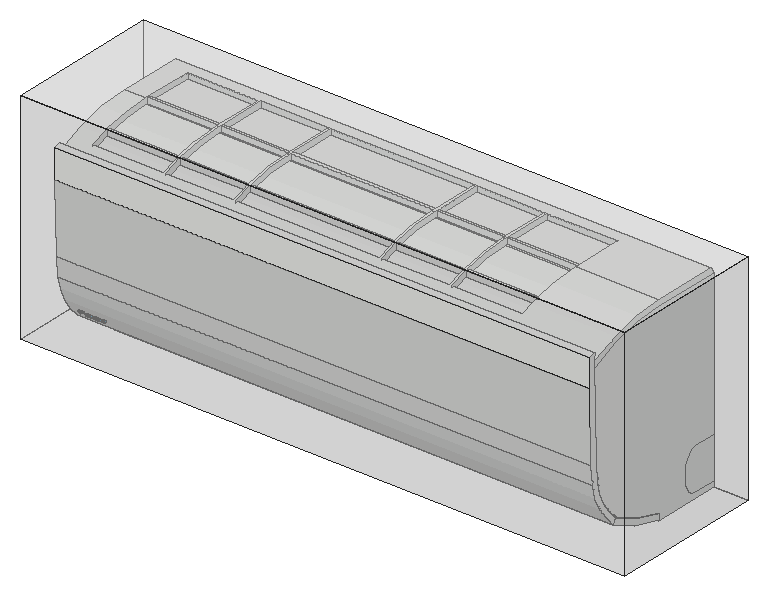
Revit family "outputfile", category 機械設備, Revit 2024
Family settings
  丸型コネクタ寸法 = 半径を使用
  パーツ タイプ = 標準
  OmniClass 番号 = 23.75.10.24.21.27.27
  OmniClass タイトル = Split System Air Conditioning Units
  作業面ベース = いいえ
  常に垂直 = はい
  ロード時にボイドで切り取り = いいえ
  注釈の向きを維持 = いいえ
  共有 = いいえ
  部屋計算ポイント = いいえ
Parameters (values of type "CTKM25RVM4")
  Description = ""
  書き出し IFC クラス(タイプ) = "IfcUnitaryEquipmentType"
  定義済み IFC タイプ(タイプ) = "AIRCONDITIONINGUNIT"
  Cost = 0
  Type Comments = ""
  Keynote = ""
  Type Image = (empty or 0)
  Assembly Code = ""
  w_wall hole = if(Width = 770.0 mm, 48.0 mm, 60.0 mm)  # 48.0 mm
  製造元 = "Daikin"
  モデル = "CTKM25RVM4"
  switch_frequency = yes
  r_Liquid Pipe Size = Liquid Pipe Size / 2  # 3.2 mm
  r_Gas Pipe Size = Gas Pipe Size / 2  # 4.75 mm
  r_Drain Pipe Size = Drain Pipe Size / 2  # 8.0 mm
  lw_powersupply [instance] = if(Width = 770.0 mm, if(or(Rear Right Connection_refrigerant, Bottom Right Connection_refrigerant), 25.0 mm, if(or(Rear Left Connection_refrigerant, Bottom Left Connection_refrigerant), 745.0 mm, 400.0 mm)), if(Width = 990.0 mm, if(or(Rear Right Connection_refrigerant, Bottom Right Connection_refrigerant), 40.0 mm, if(or(Rear Left Connection_refrigerant, Bottom Left Connection_refrigerant), 920.0 mm, 400.0 mm)), if(or(Rear Right Connection_refrigerant, Bottom Right Connection_refrigerant), 40.0 mm, if(or(Rear Left Connection_refrigerant, Bottom Left Connection_refrigerant), 920.0 mm, 400.0 mm))))  # 400.0 mm
  lw_liquidpipe [instance] = if(Width = 770.0 mm, if(or(Rear Right Connection_refrigerant, Bottom Right Connection_refrigerant), 0.0 mm, if(or(Rear Left Connection_refrigerant, Bottom Left Connection_refrigerant), 664.0 mm, 385.0 mm)), if(Width = 990.0 mm, if(or(Rear Right Connection_refrigerant, Bottom Right Connection_refrigerant), 0.0 mm, if(or(Rear Left Connection_refrigerant, Bottom Left Connection_refrigerant), 664.0 mm + (990.0 mm - 770.0 mm), 475.0 mm)), if(or(Rear Right Connection_refrigerant, Bottom Right Connection_refrigerant), 0.0 mm, if(or(Rear Left Connection_refrigerant, Bottom Left Connection_refrigerant), 664.0 mm + (990.0 mm - 770.0 mm), 475.0 mm))))  # 385.0 mm
  lw_gaspipe [instance] = if(Width = 770.0 mm, if(or(Rear Right Connection_refrigerant, Bottom Right Connection_refrigerant), 0.0 mm, if(or(Rear Left Connection_refrigerant, Bottom Left Connection_refrigerant), 675.0 mm, if(Gas Pipe Size = 12.7 mm, 335.0 mm, 335.0 mm))), if(Width = 990.0 mm, if(or(Rear Right Connection_refrigerant, Bottom Right Connection_refrigerant), 10.0 mm, if(or(Rear Left Connection_refrigerant, Bottom Left Connection_refrigerant), 890.0 mm, if(Gas Pipe Size = 15.9 mm, 400.0 mm, 400.0 mm))), if(or(Rear Right Connection_refrigerant, Bottom Right Connection_refrigerant), 10.0 mm, if(or(Rear Left Connection_refrigerant, Bottom Left Connection_refrigerant), 890.0 mm, if(Gas Pipe Size = 15.9 mm, 400.0 mm, 400.0 mm)))))  # 335.0 mm
  lw_drainpipe [instance] = if(Width = 770.0 mm, if(or(Rear Right Connection_refrigerant, Bottom Right Connection_refrigerant), 0.0 mm, if(or(Rear Left Connection_refrigerant, Bottom Left Connection_refrigerant), 770.0 mm - 48.0 mm - 48.0 mm, 440.0 mm)), if(Width = 990.0 mm, if(or(Rear Right Connection_refrigerant, Bottom Right Connection_refrigerant), 0.0 mm, if(or(Rear Left Connection_refrigerant, Bottom Left Connection_refrigerant), 675.0 mm + (990.0 mm - 770.0 mm), 435.0 mm)), if(or(Rear Right Connection_refrigerant, Bottom Right Connection_refrigerant), 0.0 mm, if(or(Rear Left Connection_refrigerant, Bottom Left Connection_refrigerant), 675.0 mm + (990.0 mm - 770.0 mm), 435.0 mm))))  # 440.0 mm
  l_powersupply_length [instance] = if(Width = 770.0 mm, if(Right Connection_refrigerant, 400.0 mm, if(Left Connection_refrigerant, 770.0 mm - 400.0 mm, if(or(Rear Left Connection_refrigerant, Rear Right Connection_refrigerant), 15.0 mm, 50.0 mm))), if(Width = 990.0 mm, if(Right Connection_refrigerant, 400.0 mm, if(Left Connection_refrigerant, 990.0 mm - 400.0 mm, if(or(Rear Left Connection_refrigerant, Rear Right Connection_refrigerant), 15.0 mm, 50.0 mm))), if(Right Connection_refrigerant, 400.0 mm, if(Left Connection_refrigerant, 990.0 mm - 400.0 mm, if(or(Rear Left Connection_refrigerant, Rear Right Connection_refrigerant), 15.0 mm, 50.0 mm)))))  # 400.0 mm
  l_liquidpipe_length [instance] = if(Width = 770.0 mm, if(Right Connection_refrigerant, 433.0 mm, if(Left Connection_refrigerant, 337.0 mm, if(or(Rear Left Connection_refrigerant, Rear Right Connection_refrigerant), 30.0 mm, 40.0 mm))), if(Width = 990.0 mm, if(Right Connection_refrigerant, 535.0 mm, if(Left Connection_refrigerant, 455.0 mm, if(or(Rear Left Connection_refrigerant, Rear Right Connection_refrigerant), 30.0 mm, 40.0 mm))), if(Right Connection_refrigerant, 535.0 mm, if(Left Connection_refrigerant, 455.0 mm, if(or(Rear Left Connection_refrigerant, Rear Right Connection_refrigerant), 30.0 mm, 40.0 mm)))))  # 433.0 mm
  l_gaspipe_length [instance] = if(Width = 770.0 mm, if(Right Connection_refrigerant, if(Gas Pipe Size = 12.7 mm, 383.0 mm, 383.0 mm), if(Left Connection_refrigerant, if(Gas Pipe Size = 12.7 mm, 770.0 mm - 383.0 mm, 770.0 mm - 383.0 mm), if(or(Rear Left Connection_refrigerant, Rear Right Connection_refrigerant), 40.0 mm, 50.0 mm))), if(Width = 990.0 mm, if(Right Connection_refrigerant, if(Gas Pipe Size = 15.9 mm, 460.0 mm, 460.0 mm), if(Left Connection_refrigerant, if(Gas Pipe Size = 15.9 mm, 990.0 mm - 460.0 mm, 990.0 mm - 460.0 mm), if(or(Rear Left Connection_refrigerant, Rear Right Connection_refrigerant), 40.0 mm, 50.0 mm))), if(Right Connection_refrigerant, if(Gas Pipe Size = 15.9 mm, 460.0 mm, 460.0 mm), if(Left Connection_refrigerant, if(Gas Pipe Size = 15.9 mm, 990.0 mm - 460.0 mm, 990.0 mm - 460.0 mm), if(or(Rear Left Connection_refrigerant, Rear Right Connection_refrigerant), 40.0 mm, 50.0 mm)))))  # 383.0 mm
  l_drainpipe_length [instance] = if(Width = 770.0 mm, if(Right Connection_refrigerant, 488.0 mm, if(Left Connection_refrigerant, 282.0 mm, if(or(Rear Left Connection_refrigerant, Rear Right Connection_refrigerant), 15.0 mm, 20.0 mm))), if(Width = 990.0 mm, if(Right Connection_refrigerant, 495.0 mm, if(Left Connection_refrigerant, 495.0 mm, if(or(Rear Left Connection_refrigerant, Rear Right Connection_refrigerant), 15.0 mm, 20.0 mm))), if(Right Connection_refrigerant, 495.0 mm, if(Left Connection_refrigerant, 495.0 mm, if(or(Rear Left Connection_refrigerant, Rear Right Connection_refrigerant), 15.0 mm, 20.0 mm)))))  # 488.0 mm
  h*** = 0.0 mm  # constant formula
  connector_voltage = Voltage_50Hz  # 230 V
  connector_powerinput = [Power Input (Cooling)]  # 0.000 kW
  connector_phase = Phase_50Hz  # 1
  angle_vertical [instance] = if(or(Bottom Left Connection_refrigerant, Bottom Right Connection_refrigerant), 0.00°, 90.00°)  # 90.00°
  angle_horizontal [instance] = if(Right Connection_refrigerant, 90.00°, if(Left Connection_refrigerant, -90.00°, if(or(Rear Left Connection_refrigerant, Rear Right Connection_refrigerant), 180.00°, 0.00°)))  # 90.00°
  Width = 770.0 mm
  Voltage_comment_50Hz = "220 - 240"
  Voltage_50Hz = 230 V
  Version = "ver.1.0"
  Unit Type = "Wall Mounted"
  Unit Mass Weight = 8.00 kg
  Unit Designation [instance] = ""
  Uniclass2015Version = "Products v1.30"
  Uniclass2015Title = "Split coil room air conditioning units"
  Uniclass2015Code = "Pr_70_65_03_86"
  URL = ""
  Total Cooling Capacity [instance] = 0.000 kW
  Sound Pressure Level_M speed (dBA) = 32
  Sound Pressure Level_L speed (dBA) = 25
  Sound Pressure Level_H speed (dBA) = 40
  Sound Power Level_H speed (dB) = 0
  Series = "Multi Split_Fan Coil Unit"
  Sensible Cooling Capacity [instance] = 0.000 kW
  Refrigerant Type = "R32"
  Power Input (Cooling) = 0.000 kW
  Phase_50Hz = 1
  Option Accessory 3 [instance] = ""
  Option Accessory 2 [instance] = ""
  Option Accessory 1 [instance] = ""
  Nominal Cooling Capacity = 2.500 kW
  Minimum Circuit Amps_50Hz = 0.0 A
  Minimum Airflow = 324.00 m³/h
  Median Airflow = 480.00 m³/h
  Maximum Fuse Amps_50Hz = 0.0 A
  Maximum Airflow = 642.00 m³/h
  Material_Casing = DAIKIN_White_Casing_indoorunit
  Load Classification = HVAC
  Liquid Pipe Size = 6.4 mm
  Link_Nested Family [instance] = ""
  IfcVersion = ""
  IfcExportType = "AIRCONDITIONINGUNIT"
  IfcExportAs = "IfcUnitaryEquipmentType"
  Height = 285.0 mm
  Heat Exchanger Type = "Cross Fin Coil"
  Gas Pipe Size = 9.5 mm
  Frequency_50Hz = 50 Hz
  Fan Type = "Cross Flow Fan"
  Fan Drive = "Direct Drive"
  FCU Tag No. [instance] = ""
  Drain Pipe Size = 16.0 mm
  Design Supply Airflow [instance] = 0.00 m³/h
  Depth = 223.0 mm
  既定の高さ = 0.0 mm
  Cooling Entering Wet Bulb Temperature [instance] = 0.00 °C
  Cooling Entering Dry Bulb Temperature [instance] = 0.00 °C
  Cooling Ambient Wet Bulb Temperature [instance] = 0.00 °C
  Cooling Ambient Dry Bulb Temperature [instance] = 0.00 °C
  Clearance visibility [instance] = yes
  Clearance Top = 30.0 mm
  Clearance Right = 50.0 mm
  Clearance Rear = 0.0 mm
  Clearance Left = 50.0 mm
  Clearance Front = 0.0 mm
  Clearance Bottom = 0.0 mm
  Bottom Right Connection_refrigerant [instance] = no
  Bottom Left Connection_refrigerant [instance] = no
  Rear Right Connection_refrigerant [instance] = no
  Rear Left Connection_refrigerant [instance] = no
  Right Connection_refrigerant [instance] = yes
  Left Connection_refrigerant [instance] = no
Reference planes
  plane 1 "Back": y = 0
  plane 2: z = 0
  plane 3 "Center (Left/Right)": x = 0
  plane 4 "Center (Front/Back)": y = -111.5
  plane 5 "Front": y = -223
  plane 6 "Left": x = -385
  plane 7 "Right": x = 385
  plane 8 "Top": z = 0
  plane 9 "Bottom": z = -285
  plane 10: x = -435
  plane 11: x = 435
  plane 12: y = 0
  plane 13: y = -223
  plane 14: z = 30
  plane 15: z = -285
  plane 16 "lw_Piping and Wiring intake": x = 337
  plane 17 "lw_gaspipe": x = 2
  plane 18 "lw_liquidpipe": x = -48
  plane 19 "lw_drainpipe": x = -103
  plane 20 "lh_drainpipe": z = -265
  plane 21 "lh_liquidpipe": z = -245
  plane 22 "lh_gaspipe": z = -235
  plane 23 "ld_drainpipe": y = -15
  plane 24 "ld_liquidpipe": y = -30
  plane 25 "ld_gaspipe": y = -40
  plane 26 "lw_powersupply": x = -15
Dimensions and locks
  equal spacing: plane 6 "Left", plane 3 "Center (Left/Right)", plane 7 "Right"
  "Width": plane 6 "Left" to plane 7 "Right"
  equal spacing: plane 5 "Front", plane 4 "Center (Front/Back)", plane 1 "Back"
  "Depth": plane 5 "Front" to plane 1 "Back"
  "Height": plane 8 "Top" to plane 9 "Bottom"
  "Clearance Rear": plane 12 to plane 1 "Back"
  "Clearance Front": plane 13 to plane 5 "Front"
  "Clearance Top": plane 14 to plane 8 "Top"
  "Clearance Bottom": plane 9 "Bottom" to plane 15
  "w_wall hole": plane 16 "lw_Piping and Wiring intake" to plane 7 "Right"
  "lw_gaspipe": plane 17 "lw_gaspipe" to plane 16 "lw_Piping and Wiring intake"
  "lw_liquidpipe": plane 18 "lw_liquidpipe" to plane 16 "lw_Piping and Wiring intake"
  "lw_drainpipe": plane 19 "lw_drainpipe" to plane 16 "lw_Piping and Wiring intake"
  locked: plane 20 "lh_drainpipe" to plane 9 "Bottom" at 20
  locked: plane 21 "lh_liquidpipe" to plane 9 "Bottom" at 40
  locked: plane 22 "lh_gaspipe" to plane 9 "Bottom" at 50
  locked: plane 23 "ld_drainpipe" to plane 1 "Back" at 15
  locked: plane 1 "Back" to plane 24 "ld_liquidpipe" at 30
  locked: plane 1 "Back" to plane 25 "ld_gaspipe" at 40
  "lw_powersupply": plane 26 "lw_powersupply" to plane 7 "Right"
  "Clearance Left": plane 10 to plane 6 "Left"
  "Clearance Right": plane 7 "Right" to plane 11
  aligned and locked: level to plane 2
  aligned and locked: plane 12 to nested 1
  aligned and locked: nested 1 to plane 13
  aligned and locked: plane 10 to nested 1
  aligned and locked: plane 11 to nested 1
  aligned and locked: plane 15 to nested 1
  aligned and locked: plane 14 to nested 1
  aligned and locked: plane 17 "lw_gaspipe" to nested 2
  aligned and locked: nested 2 to plane 25 "ld_gaspipe"
  aligned and locked: plane 18 "lw_liquidpipe" to nested 3
  aligned and locked: nested 3 to plane 24 "ld_liquidpipe"
  aligned and locked: plane 19 "lw_drainpipe" to nested 4
  aligned and locked: nested 4 to plane 23 "ld_drainpipe"
  aligned and locked: nested 5 to plane 23 "ld_drainpipe"
  aligned and locked: plane 26 "lw_powersupply" to nested 5
  aligned and locked: level to plane 8 "Top"
  aligned and locked: plane 3 "Center (Left/Right)" to nested 6
  aligned and locked: plane 1 "Back" to nested 6
  aligned and locked: plane 8 "Top" to nested 6
Nested families
  nested 1: "daikin_clearancespace" at (0, -111.5, -127.381), show <- "Clearance visibility", visible <- "Clearance visibility", Link_Nested Family <- "Link_Nested Family", type "daikin_clearancespace"
    with width 870.0 mm, show yes, height 315.0 mm, depth 223.0 mm, Link_Nested Family ""
  nested 2: "daikin_connector_rotate3" at (2, -40, -235), angle_vertical <- "angle_vertical", angle_horizontal <- "angle_horizontal", length <- "l_gaspipe_length", radius <- "r_Gas Pipe Size", type "daikin_connector_rotate3"
    with show no, radius 4.75 mm, length 383.0 mm, angle_vertical 90.00°, angle_horizontal 90.00°
  nested 3: "daikin_connector_rotate3" at (-48, -30, -245), angle_vertical <- "angle_vertical", angle_horizontal <- "angle_horizontal", radius <- "r_Liquid Pipe Size", length <- "l_liquidpipe_length", type "daikin_connector_rotate3"
    with show no, radius 3.2 mm, length 433.0 mm, angle_vertical 90.00°, angle_horizontal 90.00°
  nested 4: "daikin_connector_rotate3" at (-103, -15, -265), angle_vertical <- "angle_vertical", angle_horizontal <- "angle_horizontal", length <- "l_drainpipe_length", radius <- "r_Drain Pipe Size", type "daikin_connector_rotate3"
    with show no, radius 8.0 mm, length 488.0 mm, angle_vertical 90.00°, angle_horizontal 90.00°
  nested 5: "daikin_connector_rotate3" at (-15, -15, -235), angle_vertical <- "angle_vertical", angle_horizontal <- "angle_horizontal", length <- "l_powersupply_length", type "daikin_connector_rotate3"
    with show no, radius 10.0 mm, length 400.0 mm, angle_vertical 90.00°, angle_horizontal 90.00°
  nested 6: "DAIKIN_indoorunit_CTKM-RVM4" at (-31, 0, 0), type "CTKM-RVM4"
Connectors
  piping at (385, -40, -235), diameter 9.5, driven by "r_Gas Pipe Size"
    settings: on nested 2, index 1, connector inside diameter 609.6 mm, connector length 0.0 mm, flow factor 0, pipe flow 0.00 m³/h, pressure drop 0.0 Pa, fitting loss kfactor 0, connector angle 0.00°, fixture units 0, engagement length 0.0 mm, angle of deflection 0.00°, flow configuration 1, flow direction 2, fitting loss method 0, system type 29, joint type 0, gender type 0, connector reference index -1, connector utility 0, adjustable connector no, is connector primary yes, connector description "Refrigerant Gas Piping"
  piping at (385, -30, -245), diameter 6.4, driven by "r_Liquid Pipe Size"
    settings: on nested 3, index 2, connector inside diameter 609.6 mm, connector length 0.0 mm, flow factor 0, pipe flow 0.00 m³/h, pressure drop 0.0 Pa, fitting loss kfactor 0, connector angle 0.00°, fixture units 0, engagement length 0.0 mm, angle of deflection 0.00°, flow configuration 1, flow direction 1, fitting loss method 0, system type 29, joint type 0, gender type 0, connector reference index -1, connector utility 0, adjustable connector no, is connector primary no, connector description "Refrigerant Liquid Piping"
  piping at (385, -15, -265), diameter 16, driven by "r_Drain Pipe Size"
    settings: on nested 4, index 3, connector inside diameter 609.6 mm, connector length 0.0 mm, flow factor 0, pipe flow 0.00 m³/h, pressure drop 0.0 Pa, fitting loss kfactor 0, connector angle 0.00°, fixture units 0, engagement length 0.0 mm, angle of deflection 0.00°, flow configuration 1, flow direction 2, fitting loss method 4, system type 16, joint type 0, gender type 0, connector reference index -1, connector utility 0, adjustable connector no, is connector primary no, connector description "Condensate Drain Piping"
  electrical at (385, -15, -235), driven by "Load Classification", driven by "connector_powerinput", driven by "connector_phase", driven by "connector_voltage"
    settings: on nested 5, index 4, voltage 230 V, apparent load 0 VA, apparent load phase1 0 VA, apparent load phase2 0 VA, apparent load phase3 0 VA, power factor 1, load classification "HVAC", number of poles 1, system type 30, power factor state 1, is connector primary yes, connector utility no, sub classification motor no, connector description "Power Supply"
Definition of nested family "daikin_clearancespace"
  Parameters (values of type "daikin_clearancespace")
    Description = "daikin_clearancespace"
    width [instance] = 1823.963 mm
    show [instance] = yes
    material = none
    height [instance] = 1359.762 mm
    depth [instance] = 880.0 mm
    Default Elevation = 0.0 mm
    Link_Nested Family [instance] = ""
  Reference planes
    plane 1 "Center (Front/Back)": y = 0
    plane 2 "Center (Elevation)": z = -0.119
    plane 3 "Center (Left/Right)": x = 0
    plane 4: y = 440
    plane 5: y = -440
    plane 6 "Right": x = 911.982
    plane 7 "Left": x = -911.982
    plane 8 "Top": z = 679.762
    plane 9 "Bottom": z = -680
  Forms (mm)
    Extrusion 1, solid, material <- "material", visible <- "show"
      sketch origin (0, 0, 0) x (1, 0, 0) y (0, 1, 0)
        loop
          line (-911.982, 440) -> (-911.982, -440) -> (911.982, -440) -> (911.982, 440) -> (-911.982, 440)
      from -680 to 679.762
  Lines and regions (mm)
    symbolic lines, visible <- "show"
      curve 1: line (911.982, 440, 0) -> (-911.982, 440, 0)
      curve 2: line (-911.982, 440, 0) -> (-911.982, -440, 0)
      curve 3: line (-911.982, -440, 0) -> (911.982, -440, 0)
      curve 4: line (911.982, -440, 0) -> (911.982, 440, 0)
      curve 5: line (911.982, 0, 679.762) -> (-911.982, 0, 679.762)
      curve 6: line (911.982, 0, -680) -> (911.982, 0, 679.762)
      curve 7: line (-911.982, 0, -680) -> (911.982, 0, -680)
      curve 8: line (-911.982, 0, 679.762) -> (-911.982, 0, -680)
      curve 9: line (0, 440, 679.762) -> (0, -440, 679.762)
      curve 10: line (0, -440, 679.762) -> (0, -440, -680)
      curve 11: line (0, 440, -680) -> (0, 440, 679.762)
      curve 12: line (0, -440, -680) -> (0, 440, -680)
  Dimensions and locks
    "width": plane 7 "Left" to plane 6 "Right"
    "depth": plane 4 to plane 5
    "height": plane 8 "Top" to plane 9 "Bottom"
    equal spacing: plane 7 "Left", plane 3 "Center (Left/Right)", plane 6 "Right"
    equal spacing: plane 4, plane 1 "Center (Front/Back)", plane 5
    equal spacing: plane 8 "Top", plane 2 "Center (Elevation)", plane 9 "Bottom"
    aligned and locked: level to plane 2 "Center (Elevation)"
    aligned and locked: Extrusion 1 sketch curve to plane 4
    aligned and locked: plane 7 "Left" to Extrusion 1 sketch curve
    aligned and locked: Extrusion 1 sketch curve to plane 5
    aligned and locked: Extrusion 1 sketch curve to plane 6 "Right"
    aligned and locked: plane 8 "Top" to Extrusion 1
    aligned and locked: curve 1 to Extrusion 1
    aligned and locked: curve 2 to Extrusion 1
    aligned and locked: curve 3 to Extrusion 1
    aligned and locked: curve 4 to Extrusion 1
    aligned and locked: curve 5 to Extrusion 1
    aligned and locked: curve 6 to Extrusion 1
    aligned and locked: curve 7 to Extrusion 1
    aligned and locked: curve 8 to Extrusion 1
    aligned and locked: curve 9 to Extrusion 1
    aligned and locked: curve 10 to Extrusion 1
    aligned and locked: curve 11 to Extrusion 1
    aligned and locked: curve 12 to Extrusion 1
    aligned and locked: Extrusion 1 to plane 9 "Bottom"
Definition of nested family "DAIKIN_indoorunit_CTKM-RVM4"
  Parameters (values of type "CTKM-RVM4")
    switch_unit1_50-60 = Width = 990.0 mm  # no
    switch_unit1_25-35 = Width = 770.0 mm  # yes
    Width = 770.0 mm
    WALL HOLE-R = if(Width = 770.0 mm, 48.0 mm, 60.0 mm)  # 48.0 mm
    WALL HOLE Size = if(Width = 770.0 mm, 65.0 mm, 80.0 mm)  # 65.0 mm
    Material_Casing = none
    Height = if(Width = 770.0 mm, 285.0 mm, 295.0 mm)  # 285.0 mm
    Default Elevation = 0.0 mm
  Reference planes
    plane 1 "Center (Front/Back)": y = 0
    plane 2 "reference_level": z = 0
    plane 3 "Center (Left/Right)": x = 31
    plane 4: x = -354
    plane 5: x = 416
    plane 6: z = -285
  Forms (mm)
    Extrusion 1, solid, material <- "Material_Casing", visible <- "switch_unit1_25-35"
      sketch origin (29, 0, 0) x (0, 1, 0) y (0, 0, 1)
        loop
          line (-5, 0) -> (-98, 0)
          arc (-98, 0) -> (-157.611, -7.211) -> (-213.783, -28.427) r 250
          arc (-213.783, -28.427) -> (-213.842, -32.972) -> (-213.892, -37.516) r 2191
          arc (-213.892, -37.516) -> (-157.832, -15.495) -> (-98.07, -8) r 242
          line (-98.07, -8) -> (0, -8) -> (-5, 0)
      from -383 to 387
    Extrusion 2, solid, material <- "Material_Casing", visible <- "switch_unit1_25-35"
      sketch origin (416, 1296.25, 1200) x (0, 1, 0) y (0, 0, 1)
        loop
          line (-1472.998, -1446.91) -> (-1476.998, -1453.839)
          arc (-1476.998, -1453.839) -> (-1437.481, -1472.422) -> (-1395.25, -1483.538) r 240
          line (-1395.25, -1483.538) -> (-1395.25, -1475.422)
          arc (-1395.25, -1475.422) -> (-1435.407, -1464.663) -> (-1472.998, -1446.91) r 232
      from 0 to -47.5
    Extrusion 3, solid, material <- "Material_Casing", visible <- "switch_unit1_25-35"
      sketch origin (29, 0, 0) x (0, 1, 0) y (0, 0, 1)
        loop
          arc (-223, -60.455) -> (-222.414, -110.646) -> (-220.656, -160.81) r 2149.92
          arc (-220.656, -160.81) -> (-219.65, -174.299) -> (-217.853, -187.706) r 229.911
          arc (-217.853, -187.706) -> (-205.371, -223.594) -> (-181.517, -253.17) r 111
          line (-181.517, -253.17) -> (-177.429, -246.093)
          arc (-177.429, -246.093) -> (-198.77, -218.989) -> (-209.965, -186.36) r 103
          arc (-209.965, -186.36) -> (-211.681, -173.586) -> (-212.651, -160.735) r 221.844
          arc (-212.651, -160.735) -> (-214.739, -93.233) -> (-214.74, -25.699) r 2186.828
          arc (-214.74, -25.699) -> (-214.671, -21.467) -> (-214.594, -17.235) r 2192
          line (-214.594, -17.235) -> (-223, -19.961) -> (-223, -60.455)
      from -383 to 387
    Extrusion 4, solid, material <- "Material_Casing", visible <- "switch_unit1_25-35"
      sketch origin (29, 0, -20) x (0, 1, 0) y (0, 0, 1)
        loop
          line (0, -265) -> (0, 12) -> (-98.07, 12)
          arc (-98.07, 12) -> (-157.832, 4.505) -> (-213.892, -17.516) r 242
          arc (-213.892, -17.516) -> (-213.638, -79.114) -> (-211.653, -140.681) r 2191
          arc (-211.653, -140.681) -> (-210.685, -153.501) -> (-208.973, -166.243) r 221
          arc (-208.973, -166.243) -> (-197.471, -199.282) -> (-175.482, -226.491) r 102
          arc (-175.482, -226.491) -> (-138.004, -244.019) -> (-98, -254.579) r 231
          line (-98, -254.579) -> (-98, -265) -> (0, -265)
      from -383 to 387
    Extrusion 5, solid, material <- "Material_Casing", visible <- "switch_unit1_25-35"
      sketch origin (-354, 1296.25, 1200) x (0, 1, 0) y (0, 0, 1)
        loop
          line (-1472.998, -1446.91) -> (-1476.998, -1453.839)
          arc (-1476.998, -1453.839) -> (-1437.481, -1472.422) -> (-1395.25, -1483.538) r 240
          line (-1395.25, -1483.538) -> (-1395.25, -1475.422)
          arc (-1395.25, -1475.422) -> (-1435.407, -1464.663) -> (-1472.998, -1446.91) r 232
      from 47 to 0
    Extrusion 6, solid, material <- "Material_Casing", visible <- "switch_unit1_25-35"
      sketch origin (416, 1296.25, 1200) x (0, 1, 0) y (0, 0, 1)
        loop
          line (-1472.998, -1446.91) -> (-1476.998, -1453.839)
          arc (-1476.998, -1453.839) -> (-1443.437, -1470.168) -> (-1407.75, -1481.097) r 240
          line (-1407.75, -1481.097) -> (-1407.75, -1472.894)
          arc (-1407.75, -1472.894) -> (-1441.363, -1462.385) -> (-1472.998, -1446.91) r 232
      from -116.993 to -48.493
    Extrusion 7, solid, material <- "Material_Casing", visible <- "switch_unit1_25-35"
      sketch origin (416, 1296.25, 1200) x (0, 1, 0) y (0, 0, 1)
        loop
          line (-1472.998, -1446.91) -> (-1476.998, -1453.839)
          arc (-1476.998, -1453.839) -> (-1443.437, -1470.168) -> (-1407.75, -1481.097) r 240
          line (-1407.75, -1481.097) -> (-1407.75, -1472.894)
          arc (-1407.75, -1472.894) -> (-1441.363, -1462.385) -> (-1472.998, -1446.91) r 232
      from -717 to -121.993
    Extrusion 8, void
      sketch origin (31, 0, -235) x (1, 0, 0) y (0, 1, 0)
        loop
          line (-252.674, -22.316) -> (-354.941, -22.316) -> (-354.941, -91.341) -> (-252.674, -91.341) -> (-252.674, -22.316)
        loop
          line (-249.341, -91.341) -> (-151.574, -91.341) -> (-151.574, -22.316) -> (-249.341, -22.316) -> (-249.341, -91.341)
        loop
          line (58.309, -22.316) -> (-148.309, -22.316) -> (-148.309, -91.341) -> (58.309, -91.341) -> (58.309, -22.316)
        loop
          line (61.689, -22.316) -> (61.689, -91.341) -> (159.457, -91.341) -> (159.457, -22.316) -> (61.689, -22.316)
        loop
          line (162.789, -22.316) -> (162.789, -91.341) -> (265.057, -91.341) -> (265.057, -22.316) -> (162.789, -22.316)
        loop
          line (-354.941, -94.659) -> (-354.941, -165.259) -> (-252.674, -165.259) -> (-252.674, -94.659) -> (-354.941, -94.659)
        loop
          line (-249.341, -94.659) -> (-249.341, -165.259) -> (-151.574, -165.259) -> (-151.574, -94.659) -> (-249.341, -94.659)
        loop
          line (-148.309, -94.659) -> (-148.309, -165.259) -> (58.309, -165.259) -> (58.309, -94.659) -> (-148.309, -94.659)
        loop
          line (61.689, -94.659) -> (61.689, -165.259) -> (159.457, -165.259) -> (159.457, -94.659) -> (61.689, -94.659)
        loop
          line (162.789, -94.659) -> (162.789, -165.259) -> (265.057, -165.259) -> (265.057, -94.659) -> (162.789, -94.659)
        loop
          line (-354.941, -167.382) -> (-354.941, -192.681) -> (-252.674, -192.681) -> (-252.674, -167.382) -> (-354.941, -167.382)
        loop
          line (-249.341, -167.382) -> (-249.341, -192.681) -> (-151.574, -192.681) -> (-151.574, -167.382) -> (-249.341, -167.382)
        loop
          line (-148.309, -167.382) -> (-148.309, -192.681) -> (58.309, -192.681) -> (58.309, -167.382) -> (-148.309, -167.382)
        loop
          line (159.457, -167.382) -> (61.689, -167.382) -> (61.689, -192.681) -> (159.457, -192.681) -> (159.457, -167.382)
        loop
          line (265.057, -167.382) -> (162.789, -167.382) -> (162.789, -192.681) -> (265.057, -192.681) -> (265.057, -167.382)
      from 201.638 to 250
    Extrusion 9, solid, material <- "Material_Casing"
      sketch origin (31, 0, 0) x (1, 0, 0) y (0, 0, 1)
        loop
          circle (337, -240.5) r 32.5
        loop
          circle (-337, -240.5) r 32.5
      from 0 to 5
    Extrusion 10, solid, material <- "Material_Casing", visible <- "switch_unit1_25-35"
      sketch origin (416, 1296.25, 1200) x (0, -1, 0) y (0, 0, 1)
        loop
          line (1326.25, -1417) -> (1296.25, -1417) -> (1296.25, -1477) -> (1326.25, -1477)
          arc (1326.25, -1477) -> (1340.393, -1471.142) -> (1346.25, -1457) r 20
          line (1346.25, -1457) -> (1346.25, -1437)
          arc (1346.25, -1437) -> (1340.393, -1422.858) -> (1326.25, -1417) r 20
      from 0 to 5
    Extrusion 11, solid, material <- "Material_Casing", visible <- "switch_unit1_25-35"
      sketch origin (-354, 1296.25, 1200) x (0, 1, 0) y (0, 0, 1)
        loop
          line (-1296.25, -1417) -> (-1326.25, -1417)
          arc (-1326.25, -1417) -> (-1340.393, -1422.858) -> (-1346.25, -1437) r 20
          line (-1346.25, -1437) -> (-1346.25, -1457)
          arc (-1346.25, -1457) -> (-1340.393, -1471.142) -> (-1326.25, -1477) r 20
          line (-1326.25, -1477) -> (-1296.25, -1477) -> (-1296.25, -1417)
      from 0 to 5
    Extrusion 12, solid, material <- "Material_Casing", visible <- "switch_unit1_25-35"
      sketch origin (31, 0, -285) x (-1, 0, 0) y (0, -1, 0)
        loop
          line (-314, 0) -> (-314, 30)
          arc (-314, 30) -> (-319.858, 44.142) -> (-334, 50) r 20
          line (-334, 50) -> (-354, 50)
          arc (-354, 50) -> (-368.142, 44.142) -> (-374, 30) r 20
          line (-374, 30) -> (-374, 0) -> (-314, 0)
        loop
          line (374, 0) -> (374, 30)
          arc (374, 30) -> (368.142, 44.142) -> (354, 50) r 20
          line (354, 50) -> (334, 50)
          arc (334, 50) -> (319.858, 44.142) -> (314, 30) r 20
          line (314, 30) -> (314, 0) -> (374, 0)
      from 0 to 5
    Extrusion 13, solid, material <- "Material_Casing", visible <- "switch_unit1_50-60"
      sketch origin (31, 0, 0) x (0, 1, 0) y (0, 0, 1)
        loop
          line (-5, 0) -> (-138, 0)
          arc (-138, 0) -> (-197.611, -7.211) -> (-253.783, -28.427) r 250
          arc (-253.783, -28.427) -> (-253.838, -32.687) -> (-253.886, -36.946) r 2191
          arc (-253.886, -36.946) -> (-197.73, -15.346) -> (-138.014, -8) r 246.393
          line (-138.014, -8) -> (0, -8) -> (-5, 0)
      from -495 to 495
    Extrusion 14, solid, material <- "Material_Casing", visible <- "switch_unit1_50-60"
      sketch origin (418, 1296.25, 1200) x (0, 1, 0) y (0, 0, 1)
        loop
          arc (-1515.208, -1454.149) -> (-1506.856, -1460.599) -> (-1497.925, -1466.219) r 110
          arc (-1497.925, -1466.219) -> (-1445.718, -1487.493) -> (-1389.844, -1494.995) r 223
          line (-1389.844, -1494.995) -> (-1389.844, -1486.086) -> (-1404.386, -1486.086)
          arc (-1404.386, -1486.086) -> (-1449.542, -1477.46) -> (-1491.818, -1459.402) r 214.289
          arc (-1491.818, -1459.402) -> (-1501.056, -1453.541) -> (-1509.606, -1446.715) r 101
          line (-1509.606, -1446.715) -> (-1515.208, -1454.149)
      from 108 to 57.5
    Extrusion 15, solid, material <- "Material_Casing", visible <- "switch_unit1_50-60"
      sketch origin (31, 0, 0) x (0, 1, 0) y (0, 0, 1)
        loop
          line (-263, -19.962) -> (-263, -61.6)
          arc (-263, -61.6) -> (-262.414, -110.219) -> (-260.656, -158.81) r 2017.341
          arc (-260.656, -158.81) -> (-255.648, -191.935) -> (-244.041, -223.362) r 164.725
          arc (-244.041, -223.362) -> (-233.569, -239.793) -> (-219.717, -253.495) r 87.379
          line (-219.717, -253.495) -> (-214.706, -246.846)
          arc (-214.706, -246.846) -> (-229.564, -230.029) -> (-240.385, -210.371) r 102
          arc (-240.385, -210.371) -> (-249.049, -182.962) -> (-252.848, -154.467) r 165.789
          arc (-252.848, -154.467) -> (-254.771, -90.102) -> (-254.74, -25.708) r 2122.533
          arc (-254.74, -25.708) -> (-254.671, -21.469) -> (-254.594, -17.23) r 2192
          line (-254.594, -17.23) -> (-263, -19.962)
      from -495 to 495
    Extrusion 16, void
      sketch origin (33, 0, 0) x (1, 0, 0) y (0, 1, 0)
        loop
          line (-466.909, -22.316) -> (-466.909, -111.341) -> (-366.303, -111.341) -> (-366.303, -22.316) -> (-466.909, -22.316)
        loop
          line (-362.71, -22.316) -> (-362.71, -111.341) -> (-262.103, -111.341) -> (-262.103, -22.316) -> (-362.71, -22.316)
        loop
          line (-258.51, -22.316) -> (-258.51, -111.341) -> (-157.904, -111.341) -> (-157.904, -22.316) -> (-258.51, -22.316)
        loop
          line (-154.31, -22.316) -> (-154.31, -111.341) -> (-53.704, -111.341) -> (-53.704, -22.316) -> (-154.31, -22.316)
        loop
          line (-50.11, -22.316) -> (-50.11, -111.341) -> (50.496, -111.341) -> (50.496, -22.316) -> (-50.11, -22.316)
        loop
          line (54.089, -22.316) -> (54.089, -111.341) -> (154.696, -111.341) -> (154.696, -22.316) -> (54.089, -22.316)
        loop
          line (158.289, -22.316) -> (158.289, -111.341) -> (258.895, -111.341) -> (258.895, -22.316) -> (158.289, -22.316)
        loop
          line (262.489, -22.316) -> (262.489, -111.341) -> (363.095, -111.341) -> (363.095, -22.316) -> (262.489, -22.316)
        loop
          line (-466.909, -114.459) -> (-466.909, -185.059) -> (-366.303, -185.059) -> (-366.303, -114.459) -> (-466.909, -114.459)
        loop
          line (-362.71, -114.459) -> (-362.71, -185.059) -> (-262.103, -185.059) -> (-262.103, -114.459) -> (-362.71, -114.459)
        loop
          line (-258.51, -114.459) -> (-258.51, -185.059) -> (-157.904, -185.059) -> (-157.904, -114.459) -> (-258.51, -114.459)
        loop
          line (-154.31, -114.459) -> (-154.31, -185.059) -> (-53.704, -185.059) -> (-53.704, -114.459) -> (-154.31, -114.459)
        loop
          line (-50.11, -114.459) -> (-50.11, -185.059) -> (50.496, -185.059) -> (50.496, -114.459) -> (-50.11, -114.459)
        loop
          line (54.089, -114.459) -> (54.089, -185.059) -> (154.696, -185.059) -> (154.696, -114.459) -> (54.089, -114.459)
        loop
          line (158.289, -114.459) -> (158.289, -185.059) -> (258.895, -185.059) -> (258.895, -114.459) -> (158.289, -114.459)
        loop
          line (262.489, -114.459) -> (262.489, -185.059) -> (363.095, -185.059) -> (363.095, -114.459) -> (262.489, -114.459)
        loop
          line (-466.909, -187.382) -> (-466.909, -232.681) -> (-366.303, -232.681) -> (-366.303, -187.382) -> (-466.909, -187.382)
        loop
          line (-362.71, -187.382) -> (-362.71, -232.681) -> (-262.103, -232.681) -> (-262.103, -187.382) -> (-362.71, -187.382)
        loop
          line (-258.51, -187.382) -> (-258.51, -232.681) -> (-157.904, -232.681) -> (-157.904, -187.382) -> (-258.51, -187.382)
        loop
          line (-154.31, -187.382) -> (-154.31, -232.681) -> (-53.704, -232.681) -> (-53.704, -187.382) -> (-154.31, -187.382)
        loop
          line (-50.11, -187.382) -> (-50.11, -232.681) -> (50.496, -232.681) -> (50.496, -187.382) -> (-50.11, -187.382)
        loop
          line (54.089, -187.382) -> (54.089, -232.681) -> (154.696, -232.681) -> (154.696, -187.382) -> (54.089, -187.382)
        loop
          line (158.289, -187.382) -> (158.289, -232.681) -> (258.895, -232.681) -> (258.895, -187.382) -> (158.289, -187.382)
        loop
          line (262.489, -187.382) -> (262.489, -232.681) -> (363.095, -232.681) -> (363.095, -187.382) -> (262.489, -187.382)
      from -40.013 to 47.268
    Extrusion 17, solid, material <- "Material_Casing", visible <- "switch_unit1_50-60"
      sketch origin (-356, 1296.25, 1200) x (0, 1, 0) y (0, 0, -1)
        loop
          line (-1515.208, 1454.149) -> (-1509.606, 1446.715)
          arc (-1509.606, 1446.715) -> (-1501.056, 1453.541) -> (-1491.818, 1459.402) r 101
          arc (-1491.818, 1459.402) -> (-1449.542, 1477.46) -> (-1404.386, 1486.086) r 214.289
          line (-1404.386, 1486.086) -> (-1389.844, 1486.086) -> (-1389.844, 1494.995)
          arc (-1389.844, 1494.995) -> (-1445.718, 1487.493) -> (-1497.925, 1466.219) r 223
          arc (-1497.925, 1466.219) -> (-1506.856, 1460.599) -> (-1515.208, 1454.149) r 110
      from 108 to 61
    Extrusion 18, solid, material <- "Material_Casing", visible <- "switch_unit1_50-60"
      sketch origin (418, 1296.25, 1200) x (0, 1, 0) y (0, 0, 1)
        loop
          arc (-1515.208, -1454.149) -> (-1506.856, -1460.599) -> (-1497.925, -1466.219) r 110
          arc (-1497.925, -1466.219) -> (-1463.185, -1482.066) -> (-1426.25, -1491.755) r 223
          line (-1426.25, -1491.755) -> (-1426.25, -1483.166)
          arc (-1426.25, -1483.166) -> (-1460.008, -1473.969) -> (-1491.818, -1459.402) r 214.289
          arc (-1491.818, -1459.402) -> (-1501.056, -1453.541) -> (-1509.606, -1446.715) r 101
          line (-1509.606, -1446.715) -> (-1515.208, -1454.149)
      from 56.5 to -36.993
    Extrusion 19, solid, material <- "Material_Casing", visible <- "switch_unit1_50-60"
      sketch origin (418, 1296.25, 1200) x (0, 1, 0) y (0, 0, 1)
        loop
          arc (-1426.25, -1483.166) -> (-1443.442, -1479.224) -> (-1460.25, -1473.881) r 214.289
          line (-1460.25, -1473.881) -> (-1460.25, -1483.089)
          arc (-1460.25, -1483.089) -> (-1443.421, -1488.091) -> (-1426.25, -1491.755) r 223
          line (-1426.25, -1491.755) -> (-1426.25, -1483.166)
      from -43.493 to -828.893
    Extrusion 20, solid, material <- "Material_Casing", visible <- "switch_unit1_50-60"
      sketch origin (418, 1296.25, 1200) x (0, 1, 0) y (0, 0, 1)
        loop
          arc (-1515.208, -1454.149) -> (-1506.856, -1460.599) -> (-1497.925, -1466.219) r 110
          arc (-1497.925, -1466.219) -> (-1479.479, -1475.527) -> (-1460.25, -1483.089) r 223
          line (-1460.25, -1483.089) -> (-1460.25, -1473.881)
          arc (-1460.25, -1473.881) -> (-1476.328, -1467.282) -> (-1491.818, -1459.402) r 214.289
          arc (-1491.818, -1459.402) -> (-1501.056, -1453.541) -> (-1509.606, -1446.715) r 101
          line (-1509.606, -1446.715) -> (-1515.208, -1454.149)
      from -43.493 to -828.893
    Extrusion 21, solid, material <- "Material_Casing", visible <- "switch_unit1_50-60"
      sketch origin (31, 0, -30) x (0, 1, 0) y (0, 0, 1)
        loop
          line (0, 22) -> (-138.014, 22)
          arc (-138.014, 22) -> (-197.73, 14.654) -> (-253.886, -6.946) r 246.393
          arc (-253.886, -6.946) -> (-253.682, -65.635) -> (-251.855, -124.295) r 2120.935
          arc (-251.855, -124.295) -> (-248.086, -152.682) -> (-239.461, -179.988) r 164.789
          arc (-239.461, -179.988) -> (-228.903, -199.231) -> (-214.437, -215.738) r 101
          line (-214.437, -215.738) -> (-212.406, -216.221)
          arc (-212.406, -216.221) -> (-204.07, -222.837) -> (-195.079, -228.53) r 100
          arc (-195.079, -228.53) -> (-145.557, -248.629) -> (-92.593, -255.785) r 213.289
          line (-92.593, -255.785) -> (-92.593, -265) -> (0, -265) -> (0, 22)
      from -495 to 495
    Extrusion 22, solid, material <- "Material_Casing", visible <- "switch_unit1_50-60"
      sketch origin (526, 1296.25, 1200) x (0, -1, 0) y (0, 0, 1)
        loop
          line (1326.25, -1427.035) -> (1296.25, -1427.035) -> (1296.25, -1487.035) -> (1326.25, -1487.035)
          arc (1326.25, -1487.035) -> (1340.393, -1481.177) -> (1346.25, -1467.035) r 20
          line (1346.25, -1467.035) -> (1346.25, -1447.035)
          arc (1346.25, -1447.035) -> (1340.393, -1432.892) -> (1326.25, -1427.035) r 20
      from 0 to 5
    Extrusion 23, solid, material <- "Material_Casing", visible <- "switch_unit1_50-60"
      sketch origin (-459, 1296.25, 1200) x (0, -1, 0) y (0, 0, 1)
        loop
          line (1326.25, -1427.035) -> (1296.25, -1427.035) -> (1296.25, -1487.035) -> (1326.25, -1487.035)
          arc (1326.25, -1487.035) -> (1340.393, -1481.177) -> (1346.25, -1467.035) r 20
          line (1346.25, -1467.035) -> (1346.25, -1447.035)
          arc (1346.25, -1447.035) -> (1340.393, -1432.892) -> (1326.25, -1427.035) r 20
      from 0 to 5
    Extrusion 24, solid, material <- "Material_Casing", visible <- "switch_unit1_50-60"
      sketch origin (31, 200, -295) x (-1, 0, 0) y (0, -1, 0)
        loop
          line (469, 200) -> (469, 230)
          arc (469, 230) -> (463.142, 244.142) -> (449, 250) r 20
          line (449, 250) -> (429, 250)
          arc (429, 250) -> (414.858, 244.142) -> (409, 230) r 20
          line (409, 230) -> (409, 200) -> (469, 200)
        loop
          line (-469, 200) -> (-409, 200) -> (-409, 230)
          arc (-409, 230) -> (-414.858, 244.142) -> (-429, 250) r 20
          line (-429, 250) -> (-449, 250)
          arc (-449, 250) -> (-463.142, 244.142) -> (-469, 230) r 20
          line (-469, 230) -> (-469, 200)
      from 0 to 5
  Cuts and joins
    Extrusion 8 cuts Extrusion 1
    Extrusion 16 cuts Extrusion 13
  Lines and regions (mm)
    reference lines
      curve 1: line (-523, -201.911, -229.404) -> (-523, -193.542, -239.977)
      curve 2: line (-523, -240.779, -229.404) -> (-523, -232.411, -239.977)
  Dimensions and locks
    locked: Extrusion 10 sketch curve to Extrusion 10 sketch curve at 60
    locked: Extrusion 10 sketch curve to Extrusion 10 sketch curve at 50
    locked: Extrusion 12 sketch curve to Extrusion 12 sketch curve at 60  (x2)
    locked: Extrusion 12 sketch curve to Extrusion 12 sketch curve at 50
    equal spacing: plane 5, plane 3 "Center (Left/Right)", plane 4
    "Width": plane 5 to plane 4
    locked: Extrusion 9 sketch curve to plane 4 at 48
    "WALL HOLE-R": plane 5 to Extrusion 9 sketch curve
    "Height": plane 2 "reference_level" to plane 6
    locked: Extrusion 9 sketch curve to plane 6 at 44.5  (x2)
    locked: Extrusion 15 to nested 2 at 15
    locked: Extrusion 22 sketch curve to Extrusion 22 sketch curve at 60
    locked: Extrusion 22 sketch curve to Extrusion 22 sketch curve at 50
    locked: Extrusion 23 sketch curve to Extrusion 23 sketch curve at 60
    locked: Extrusion 23 sketch curve to Extrusion 23 sketch curve at 50
    locked: Extrusion 24 sketch curve to Extrusion 24 sketch curve at 60  (x2)
    locked: Extrusion 24 sketch curve to Extrusion 24 sketch curve at 50  (x2)
    "WALL HOLE Size": diameter of Extrusion 9 sketch curve  (x2)
    aligned and locked: level to plane 2 "reference_level"
    aligned and locked: nested 1 to curve 1
    aligned and locked: Extrusion 11 sketch curve to Extrusion 10  (x4)
    aligned and locked: Extrusion 12 sketch curve to Extrusion 12 sketch curve  (x2)
    aligned and locked: Extrusion 9 to plane 1 "Center (Front/Back)"
    aligned and locked: nested 2 to curve 2
  Automatic sketch dimensions
    curve 1 to level = 239.977 mm
    plane 1 "Center (Front/Back)" to curve 1 = 193.542 mm
    curve 2 to curve 1 = 0.0 mm
    curve 2 to curve 2 = 10.573 mm
    curve 1 to curve 1 = 10.573 mm
    curve 1 to curve 1 = 8.368 mm
    curve 1 to curve 2 = 30.5 mm
    curve 2 to curve 2 = 8.368 mm
    Extrusion 1 sketch curve to level = 0.0 mm
    Extrusion 1 sketch curve to plane 1 "Center (Front/Back)" = 0.0 mm
    plane 1 "Center (Front/Back)" to Extrusion 1 sketch curve = 5.0 mm
    plane 1 "Center (Front/Back)" to Extrusion 1 sketch curve = 98.0 mm
    Extrusion 1 sketch curve to Extrusion 1 sketch curve = 0.07 mm
    Extrusion 1 sketch curve to level = 59.292 mm
    Extrusion 1 sketch curve to plane 1 "Center (Front/Back)" = 1977.0 mm
    Extrusion 1 sketch curve to level = 250.0 mm
    Extrusion 1 sketch curve to Extrusion 1 sketch curve = 0.0 mm
    Extrusion 1 sketch curve to level = 8.0 mm
    Extrusion 1 sketch curve to level = 28.427 mm
    plane 1 "Center (Front/Back)" to Extrusion 2 sketch curve = 180.748 mm
    Extrusion 2 sketch curve to Extrusion 2 sketch curve = 4.0 mm
    Extrusion 2 sketch curve to Extrusion 2 sketch curve = 77.747 mm
    plane 1 "Center (Front/Back)" to Extrusion 2 sketch curve = 59.279 mm
    Extrusion 2 sketch curve to Extrusion 2 sketch curve = 0.0 mm
    Extrusion 2 sketch curve to level = 283.538 mm
    Extrusion 2 sketch curve to Extrusion 2 sketch curve = 8.116 mm
    Extrusion 2 sketch curve to Extrusion 2 sketch curve = 21.583 mm
    Extrusion 2 sketch curve to Extrusion 2 sketch curve = 6.929 mm
    Extrusion 3 sketch curve to level = 19.961 mm
    plane 1 "Center (Front/Back)" to Extrusion 3 sketch curve = 223.0 mm
    Extrusion 3 sketch curve to level = 17.235 mm
    Extrusion 3 sketch curve to Extrusion 3 sketch curve = 8.406 mm
    plane 1 "Center (Front/Back)" to Extrusion 3 sketch curve = 181.517 mm
    Extrusion 3 sketch curve to Extrusion 3 sketch curve = 4.087 mm
    Extrusion 3 sketch curve to Extrusion 3 sketch curve = 69.11 mm
    Extrusion 3 sketch curve to Extrusion 3 sketch curve = 0.001 mm
    Extrusion 3 sketch curve to plane 1 "Center (Front/Back)" = 8.955 mm
    Extrusion 3 sketch curve to Extrusion 3 sketch curve = 0.067 mm
    Extrusion 3 sketch curve to level = 60.455 mm
    Extrusion 3 sketch curve to Extrusion 3 sketch curve = 1917.898 mm
    Extrusion 3 sketch curve to Extrusion 3 sketch curve = 44.907 mm
    Extrusion 3 sketch curve to Extrusion 3 sketch curve = 5.172 mm
    Extrusion 3 sketch curve to level = 150.456 mm
    Extrusion 3 sketch curve to Extrusion 3 sketch curve = 0.006 mm
    Extrusion 3 sketch curve to Extrusion 3 sketch curve = 19.265 mm
    Extrusion 3 sketch curve to Extrusion 3 sketch curve = 0.004 mm
    Extrusion 3 sketch curve to Extrusion 3 sketch curve = 76.368 mm
    Extrusion 3 sketch curve to Extrusion 3 sketch curve = 7.077 mm
    Extrusion 3 sketch curve to Extrusion 3 sketch curve = 1.002 mm
    Extrusion 3 sketch curve to Extrusion 3 sketch curve = 0.046 mm
    Extrusion 3 sketch curve to Extrusion 3 sketch curve = 8.005 mm
    Extrusion 3 sketch curve to Extrusion 3 sketch curve = 0.147 mm
    Extrusion 3 sketch curve to Extrusion 3 sketch curve = 0.0 mm
    Extrusion 4 sketch curve to plane 1 "Center (Front/Back)" = 0.0 mm
    plane 1 "Center (Front/Back)" to Extrusion 4 sketch curve = 59.278 mm
    Extrusion 4 sketch curve to Extrusion 4 sketch curve = 98.0 mm
    Extrusion 4 sketch curve to Extrusion 4 sketch curve = 0.0 mm  (x3)
    Extrusion 4 sketch curve to level = 8.0 mm
    Extrusion 4 sketch curve to Extrusion 4 sketch curve = 38.791 mm
    Extrusion 4 sketch curve to Extrusion 4 sketch curve = 10.249 mm
    Extrusion 4 sketch curve to plane 1 "Center (Front/Back)" = 9.11 mm
    Extrusion 4 sketch curve to level = 59.292 mm
    Extrusion 4 sketch curve to Extrusion 4 sketch curve = 1967.89 mm
    Extrusion 4 sketch curve to Extrusion 4 sketch curve = 142.454 mm
    Extrusion 4 sketch curve to Extrusion 4 sketch curve = 19.271 mm
    Extrusion 4 sketch curve to Extrusion 4 sketch curve = 80.275 mm
    Extrusion 4 sketch curve to Extrusion 4 sketch curve = 24.579 mm
    Extrusion 4 sketch curve to Extrusion 4 sketch curve = 10.421 mm
    Extrusion 4 sketch curve to level = 46.847 mm
    Extrusion 4 sketch curve to Extrusion 4 sketch curve = 77.412 mm
    Extrusion 4 sketch curve to Extrusion 4 sketch curve = 33.49 mm
    Extrusion 4 sketch curve to Extrusion 4 sketch curve = 2.68 mm
    plane 1 "Center (Front/Back)" to Extrusion 5 sketch curve = 180.748 mm
    Extrusion 5 sketch curve to Extrusion 5 sketch curve = 4.0 mm
    Extrusion 5 sketch curve to Extrusion 5 sketch curve = 77.747 mm
    plane 1 "Center (Front/Back)" to Extrusion 5 sketch curve = 59.279 mm
    Extrusion 5 sketch curve to Extrusion 5 sketch curve = 0.0 mm
    Extrusion 5 sketch curve to level = 283.538 mm
    Extrusion 5 sketch curve to Extrusion 5 sketch curve = 8.116 mm
    Extrusion 5 sketch curve to Extrusion 5 sketch curve = 21.583 mm
    Extrusion 5 sketch curve to Extrusion 5 sketch curve = 6.929 mm
    plane 1 "Center (Front/Back)" to Extrusion 6 sketch curve = 180.748 mm
    Extrusion 6 sketch curve to Extrusion 6 sketch curve = 4.0 mm
    Extrusion 6 sketch curve to Extrusion 6 sketch curve = 65.247 mm
    plane 1 "Center (Front/Back)" to Extrusion 6 sketch curve = 59.279 mm
    Extrusion 6 sketch curve to Extrusion 6 sketch curve = 0.0 mm
    Extrusion 6 sketch curve to level = 281.097 mm
    Extrusion 6 sketch curve to Extrusion 6 sketch curve = 8.203 mm
    Extrusion 6 sketch curve to Extrusion 6 sketch curve = 19.055 mm
    Extrusion 6 sketch curve to Extrusion 6 sketch curve = 6.929 mm
    plane 1 "Center (Front/Back)" to Extrusion 7 sketch curve = 180.748 mm
    Extrusion 7 sketch curve to Extrusion 7 sketch curve = 4.0 mm
    Extrusion 7 sketch curve to Extrusion 7 sketch curve = 65.247 mm
    plane 1 "Center (Front/Back)" to Extrusion 7 sketch curve = 59.279 mm
    Extrusion 7 sketch curve to Extrusion 7 sketch curve = 0.0 mm
    Extrusion 7 sketch curve to level = 281.097 mm
    Extrusion 7 sketch curve to Extrusion 7 sketch curve = 8.203 mm
    Extrusion 7 sketch curve to Extrusion 7 sketch curve = 19.055 mm
    Extrusion 7 sketch curve to Extrusion 7 sketch curve = 6.929 mm
    plane 1 "Center (Front/Back)" to Extrusion 8 sketch curve = 165.259 mm  (x2)
    Extrusion 8 sketch curve to plane 3 "Center (Left/Right)" = 354.941 mm
    plane 1 "Center (Front/Back)" to Extrusion 8 sketch curve = 22.316 mm  (x3)
    Extrusion 8 sketch curve to Extrusion 8 sketch curve = 0.0 mm  (x26)
    Extrusion 8 sketch curve to Extrusion 8 sketch curve = 102.268 mm  (x2)
    Extrusion 8 sketch curve to Extrusion 8 sketch curve = 3.332 mm  (x4)
    Extrusion 8 sketch curve to Extrusion 8 sketch curve = 97.768 mm  (x2)
    Extrusion 8 sketch curve to Extrusion 8 sketch curve = 3.264 mm  (x3)
    plane 3 "Center (Left/Right)" to Extrusion 8 sketch curve = 58.309 mm
    Extrusion 8 sketch curve to Extrusion 8 sketch curve = 3.38 mm  (x3)
    Extrusion 8 sketch curve to Extrusion 8 sketch curve = 2.124 mm  (x6)
    Extrusion 8 sketch curve to Extrusion 8 sketch curve = 25.299 mm  (x2)
    Extrusion 8 sketch curve to Extrusion 8 sketch curve = 70.6 mm
    Extrusion 8 sketch curve to Extrusion 8 sketch curve = 3.317 mm  (x4)
    Extrusion 10 sketch curve to plane 1 "Center (Front/Back)" = 0.0 mm
    Extrusion 10 sketch curve to Extrusion 10 sketch curve = 20.0 mm  (x2)
    Extrusion 10 sketch curve to level = 277.0 mm
    plane 1 "Center (Front/Back)" to Extrusion 12 sketch curve = 0.0 mm
    plane 3 "Center (Left/Right)" to Extrusion 12 sketch curve = 374.0 mm
    Extrusion 12 sketch curve to Extrusion 12 sketch curve = 20.0 mm  (x3)
    plane 1 "Center (Front/Back)" to Extrusion 12 sketch curve = 30.0 mm
    Extrusion 12 sketch curve to plane 3 "Center (Left/Right)" = 314.0 mm
    Extrusion 13 sketch curve to level = 0.0 mm
    Extrusion 13 sketch curve to plane 1 "Center (Front/Back)" = 0.0 mm
    plane 1 "Center (Front/Back)" to Extrusion 13 sketch curve = 5.0 mm
    Extrusion 13 sketch curve to Extrusion 13 sketch curve = 133.0 mm
    Extrusion 13 sketch curve to Extrusion 13 sketch curve = 0.013 mm
    Extrusion 13 sketch curve to level = 59.292 mm
    Extrusion 13 sketch curve to plane 1 "Center (Front/Back)" = 1937.0 mm
    Extrusion 13 sketch curve to Extrusion 13 sketch curve = 250.0 mm
    Extrusion 13 sketch curve to Extrusion 13 sketch curve = 4.393 mm
    Extrusion 13 sketch curve to level = 8.0 mm
    Extrusion 13 sketch curve to level = 28.427 mm
    plane 1 "Center (Front/Back)" to Extrusion 14 sketch curve = 218.957 mm
    Extrusion 14 sketch curve to Extrusion 14 sketch curve = 5.601 mm
    Extrusion 14 sketch curve to Extrusion 14 sketch curve = 65.735 mm
    Extrusion 14 sketch curve to Extrusion 14 sketch curve = 1.462 mm
    plane 1 "Center (Front/Back)" to Extrusion 14 sketch curve = 108.136 mm
    Extrusion 14 sketch curve to Extrusion 14 sketch curve = 14.543 mm
    plane 1 "Center (Front/Back)" to Extrusion 14 sketch curve = 92.093 mm
    Extrusion 14 sketch curve to Extrusion 14 sketch curve = 1.354 mm
    Extrusion 14 sketch curve to level = 294.995 mm
    Extrusion 14 sketch curve to Extrusion 14 sketch curve = 8.909 mm
    Extrusion 14 sketch curve to Extrusion 14 sketch curve = 31.937 mm
    Extrusion 14 sketch curve to Extrusion 14 sketch curve = 7.433 mm
    Extrusion 14 sketch curve to Extrusion 14 sketch curve = 75.403 mm
    Extrusion 14 sketch curve to Extrusion 14 sketch curve = 0.896 mm
    Extrusion 14 sketch curve to level = 72.504 mm
    Extrusion 14 sketch curve to Extrusion 14 sketch curve = 0.504 mm
    Extrusion 15 sketch curve to level = 19.962 mm
    plane 1 "Center (Front/Back)" to Extrusion 15 sketch curve = 263.0 mm
    Extrusion 15 sketch curve to level = 17.23 mm
    Extrusion 15 sketch curve to Extrusion 15 sketch curve = 8.406 mm
    Extrusion 15 sketch curve to Extrusion 15 sketch curve = 43.283 mm
    Extrusion 15 sketch curve to Extrusion 15 sketch curve = 5.011 mm
    Extrusion 15 sketch curve to Extrusion 15 sketch curve = 49.129 mm
    Extrusion 15 sketch curve to Extrusion 15 sketch curve = 19.417 mm
    Extrusion 15 sketch curve to Extrusion 15 sketch curve = 50.037 mm
    Extrusion 15 sketch curve to Extrusion 15 sketch curve = 8.89 mm
    Extrusion 15 sketch curve to level = 61.6 mm
    Extrusion 15 sketch curve to plane 1 "Center (Front/Back)" = 1754.341 mm
    Extrusion 15 sketch curve to level = 58.909 mm
    Extrusion 15 sketch curve to Extrusion 15 sketch curve = 113.192 mm
    Extrusion 15 sketch curve to Extrusion 15 sketch curve = 69.467 mm
    Extrusion 15 sketch curve to level = 146.886 mm
    Extrusion 15 sketch curve to Extrusion 15 sketch curve = 3.987 mm
    Extrusion 15 sketch curve to Extrusion 15 sketch curve = 20.44 mm
    Extrusion 15 sketch curve to Extrusion 15 sketch curve = 13.597 mm
    Extrusion 15 sketch curve to Extrusion 15 sketch curve = 61.936 mm
    Extrusion 15 sketch curve to Extrusion 15 sketch curve = 6.649 mm
    Extrusion 15 sketch curve to level = 59.438 mm
    Extrusion 15 sketch curve to Extrusion 15 sketch curve = 0.0 mm
    Extrusion 15 sketch curve to Extrusion 15 sketch curve = 0.147 mm
    Extrusion 15 sketch curve to Extrusion 15 sketch curve = 7.808 mm
    plane 1 "Center (Front/Back)" to Extrusion 16 sketch curve = 22.316 mm  (x6)
    Extrusion 16 sketch curve to plane 3 "Center (Left/Right)" = 464.909 mm
    Extrusion 16 sketch curve to Extrusion 16 sketch curve = 0.0 mm  (x27)
    Extrusion 16 sketch curve to Extrusion 16 sketch curve = 100.606 mm  (x7)
    Extrusion 16 sketch curve to Extrusion 16 sketch curve = 3.594 mm  (x16)
    Extrusion 16 sketch curve to plane 3 "Center (Left/Right)" = 51.704 mm
    plane 3 "Center (Left/Right)" to Extrusion 16 sketch curve = 52.496 mm  (x2)
    Extrusion 16 sketch curve to Extrusion 16 sketch curve = 89.026 mm  (x6)
    Extrusion 16 sketch curve to Extrusion 16 sketch curve = 3.117 mm  (x8)
    Extrusion 16 sketch curve to Extrusion 16 sketch curve = 70.6 mm  (x7)
    Extrusion 16 sketch curve to Extrusion 16 sketch curve = 2.324 mm  (x8)
    Extrusion 16 sketch curve to Extrusion 16 sketch curve = 45.299 mm  (x7)
    plane 1 "Center (Front/Back)" to Extrusion 17 sketch curve = 218.957 mm
    Extrusion 17 sketch curve to Extrusion 17 sketch curve = 5.601 mm
    Extrusion 17 sketch curve to Extrusion 17 sketch curve = 65.735 mm
    Extrusion 17 sketch curve to Extrusion 17 sketch curve = 1.462 mm
    plane 1 "Center (Front/Back)" to Extrusion 17 sketch curve = 108.136 mm
    Extrusion 17 sketch curve to Extrusion 17 sketch curve = 14.543 mm
    plane 1 "Center (Front/Back)" to Extrusion 17 sketch curve = 92.093 mm
    Extrusion 17 sketch curve to Extrusion 17 sketch curve = 1.354 mm
    Extrusion 17 sketch curve to level = 72.0 mm
    Extrusion 17 sketch curve to Extrusion 17 sketch curve = 0.504 mm
    Extrusion 17 sketch curve to Extrusion 17 sketch curve = 98.416 mm
    Extrusion 17 sketch curve to Extrusion 17 sketch curve = 0.896 mm
    Extrusion 17 sketch curve to Extrusion 17 sketch curve = 76.3 mm
    Extrusion 17 sketch curve to Extrusion 17 sketch curve = 7.433 mm
    Extrusion 17 sketch curve to Extrusion 17 sketch curve = 26.684 mm
    Extrusion 17 sketch curve to Extrusion 17 sketch curve = 8.909 mm
    plane 1 "Center (Front/Back)" to Extrusion 18 sketch curve = 218.957 mm
    Extrusion 18 sketch curve to Extrusion 18 sketch curve = 5.601 mm
    Extrusion 18 sketch curve to Extrusion 18 sketch curve = 65.735 mm
    Extrusion 18 sketch curve to Extrusion 18 sketch curve = 1.462 mm
    Extrusion 18 sketch curve to Extrusion 18 sketch curve = 83.356 mm
    plane 1 "Center (Front/Back)" to Extrusion 18 sketch curve = 92.093 mm
    Extrusion 18 sketch curve to Extrusion 18 sketch curve = 1.354 mm
    Extrusion 18 sketch curve to level = 291.755 mm
    Extrusion 18 sketch curve to Extrusion 18 sketch curve = 8.588 mm
    Extrusion 18 sketch curve to Extrusion 18 sketch curve = 29.018 mm
    Extrusion 18 sketch curve to Extrusion 18 sketch curve = 7.433 mm
    Extrusion 18 sketch curve to Extrusion 18 sketch curve = 75.403 mm
    Extrusion 18 sketch curve to Extrusion 18 sketch curve = 0.896 mm
    Extrusion 18 sketch curve to level = 72.504 mm
    Extrusion 18 sketch curve to Extrusion 18 sketch curve = 0.504 mm
    plane 1 "Center (Front/Back)" to Extrusion 19 sketch curve = 164.0 mm
    Extrusion 19 sketch curve to Extrusion 19 sketch curve = 34.0 mm
    plane 1 "Center (Front/Back)" to Extrusion 19 sketch curve = 92.093 mm
    Extrusion 19 sketch curve to Extrusion 19 sketch curve = 1.354 mm
    Extrusion 19 sketch curve to level = 291.755 mm
    Extrusion 19 sketch curve to Extrusion 19 sketch curve = 8.588 mm
    Extrusion 19 sketch curve to Extrusion 19 sketch curve = 0.077 mm
    Extrusion 19 sketch curve to Extrusion 19 sketch curve = 9.207 mm
    plane 1 "Center (Front/Back)" to Extrusion 20 sketch curve = 218.957 mm
    Extrusion 20 sketch curve to Extrusion 20 sketch curve = 5.601 mm
    Extrusion 20 sketch curve to Extrusion 20 sketch curve = 49.356 mm
    Extrusion 20 sketch curve to Extrusion 20 sketch curve = 65.735 mm
    Extrusion 20 sketch curve to Extrusion 20 sketch curve = 1.462 mm
    plane 1 "Center (Front/Back)" to Extrusion 20 sketch curve = 92.093 mm
    Extrusion 20 sketch curve to Extrusion 20 sketch curve = 1.354 mm
    Extrusion 20 sketch curve to level = 283.089 mm
    Extrusion 20 sketch curve to Extrusion 20 sketch curve = 9.207 mm
    Extrusion 20 sketch curve to Extrusion 20 sketch curve = 19.733 mm
    Extrusion 20 sketch curve to Extrusion 20 sketch curve = 7.433 mm
    Extrusion 20 sketch curve to Extrusion 20 sketch curve = 75.403 mm
    Extrusion 20 sketch curve to Extrusion 20 sketch curve = 0.896 mm
    Extrusion 20 sketch curve to level = 72.504 mm
    Extrusion 20 sketch curve to Extrusion 20 sketch curve = 0.504 mm
    Extrusion 21 sketch curve to Extrusion 21 sketch curve = 0.0 mm  (x4)
    Extrusion 21 sketch curve to plane 1 "Center (Front/Back)" = 0.0 mm
    plane 1 "Center (Front/Back)" to Extrusion 21 sketch curve = 87.233 mm
    Extrusion 21 sketch curve to Extrusion 21 sketch curve = 3.506 mm
    Extrusion 21 sketch curve to Extrusion 21 sketch curve = 92.593 mm
    Extrusion 21 sketch curve to Extrusion 21 sketch curve = 45.42 mm
    Extrusion 21 sketch curve to Extrusion 21 sketch curve = 58.927 mm
    Extrusion 21 sketch curve to Extrusion 21 sketch curve = 74.393 mm
    Extrusion 21 sketch curve to Extrusion 21 sketch curve = 2.031 mm
    Extrusion 21 sketch curve to level = 58.927 mm
    Extrusion 21 sketch curve to plane 1 "Center (Front/Back)" = 1866.935 mm
    Extrusion 21 sketch curve to level = 72.504 mm
    Extrusion 21 sketch curve to Extrusion 21 sketch curve = 74.381 mm
    Extrusion 21 sketch curve to Extrusion 21 sketch curve = 24.427 mm
    Extrusion 21 sketch curve to Extrusion 21 sketch curve = 74.426 mm
    Extrusion 21 sketch curve to Extrusion 21 sketch curve = 0.483 mm
    Extrusion 21 sketch curve to Extrusion 21 sketch curve = 4.137 mm
    Extrusion 21 sketch curve to Extrusion 21 sketch curve = 31.393 mm
    Extrusion 21 sketch curve to Extrusion 21 sketch curve = 9.215 mm
    Extrusion 21 sketch curve to level = 8.0 mm
